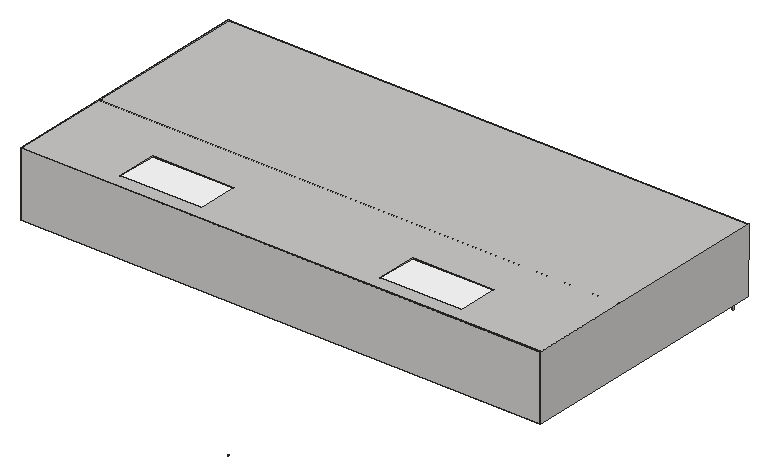
Revit family "QF_ELECTROLUXPROFESSIONAL_640206_EPF1632", category Attrezzature speciali, Revit 2021
Family settings
  Quota connettore circolare = Usa diametro
  Tipo di parte = Normale
  Basato su piano di lavoro = No
  Sempre verticale = Sì
  Taglio con vuoti quando caricato = No
  Condiviso = No
  Punto di calcolo locali = No
Parameters (values of type "Standard")
  Weight = 118.00 kg
  Watts = 0 W
  Volts = 0 V
  URL Manufacturer = "https://www.electroluxprofessional.com/"
  URL = "https://www.electroluxprofessional.com/"
  Steam Supply Size = 0 mm
  Steam Supply Minimum Pressure = 0.0 Pa
  Steam Supply Maximum Pressure = 0.0 Pa
  Steam Consumption per Hour = 0
  Refrigeration Suction Line Size = 0 mm
  Refrigeration Liquid Line Size = 0 mm
  Refrigerant Compressor Remote = yes
  Prospetto di default = 0 mm
  Produttore = "Electrolux Professional"
  Phase = 0
  Modello = "EPF1632"
  Length Actual = 3200 mm  # constant formula
  Item Number = "640206"
  Hot Water Size = 0 mm
  Height Actual = 400 mm  # constant formula
  HP = "0 HP"
  Gas Size = 0 mm
  Gas KW = 0
  Gas Input Pressure = 0 W
  Direct Waste Size = 0 mm
  Descrizione = "304 S/S WALL HOOD+FILTERS 320X160 CM"
  Depth Actual = 1600 mm  # constant formula
  Cycle = 0 Hz
  Condensate Return Size = 0 mm
  Compressed Air Volume = 0.0 L/s
  Compressed Air Size = 0 mm
  Compressed Air Pressure = 0.0 Pa
  Cold Water Size = 0 mm
  Accessory = yes
Reference planes
  plane 1: z = 0
  plane 2 "Center (Left/Right)": x = 150
  plane 3 "LEFT": x = -1450
  plane 4 "RIGHT": x = 1750
  plane 5 "BACK": y = 550
  plane 6 "TOP": z = 2400
  plane 7 "Base": z = 2000
  plane 8: z = 1970
  plane 9 "DrainY": y = 450
  plane 10: x = -1447
  plane 11: y = -720
  plane 12: y = -970
  plane 13 "DrainX": x = 1737
  plane 14 "AOLeft2": x = -400
  plane 15 "AORight1": x = 700
  plane 16: x = 1747
  plane 17: x = -1250
  plane 18: x = 1550
  plane 19: through (0, -449.6, 2399.19) normal (0, -0.5736, 0.8192)
  plane 20: x = 50
  plane 21: x = 250
  plane 22 "Center (Front/Back)": y = -250
  plane 23 "Front": y = -1050
  plane 24 "AOLeft1": x = -900
  plane 25 "AORight2": x = 1200
Forms (mm)
  Extrusion 1, solid, material "QF_Finishes_Stainless Steel"
    sketch origin (-1450, 0, 360) x (0, 1, 0) y (0, 0, 1)
      loop
        line (550, 1640) -> (550, 2040) -> (-1050, 2040) -> (-1050, 1640) -> (550, 1640)
    from 0 to 3
  Extrusion 2, solid, material "QF_Finishes_Stainless Steel"
    sketch origin (1750, 0, 360) x (0, 1, 0) y (0, 0, 1)
      loop
        line (550, 1640) -> (550, 2040) -> (-1050, 2040) -> (-1050, 1640) -> (550, 1640)
    from 0 to -3
  Extrusion 3, solid, material "QF_Finishes_Stainless Steel"
    sketch origin (150, 0, 360) x (0, 1, 0) y (0, 0, 1)
      loop
        line (-1050, 2040) -> (-1050, 1640) -> (-1040, 1640) -> (-1040, 1640.8) -> (-1049.2, 1640.8) -> (-1049.2, 2039.19) -> (549.2, 2039.19) -> (549.2, 1640.8) -> (540, 1640.8) -> (540, 1640) -> (550, 1640) -> (550, 2040) -> (-1050, 2040)
    from -1600 to 1600
  Extrusion 4, solid, material "QF_Finishes_Stainless Steel"
    sketch origin (0, 0, 2000) x (0, 1, 0) y (-1, 0, 0)
      loop
        circle (450, -1737) r 4.763
    from -30 to 0
  Extrusion 5, void
    sketch origin (0, 0, 2400) x (0, 1, 0) y (-1, 0, 0)
      loop
        line (-720, 400) -> (-720, 900) -> (-970, 900) -> (-970, 400) -> (-720, 400)
    from 0 to -10
  Extrusion 6, solid, material "QF_Finishes_Stainless Steel"
    sketch origin (0, 0, 0) x (1, 0, 0) y (0, 1, 0)
      loop
        line (-1450, 550) -> (-1450, 549) -> (-1449, 549) -> (-1449, 550) -> (-1450, 550)
    from 0 to 1
  Extrusion 7, solid, material "QF_Finishes_Stainless Steel"
    sketch origin (150, 0, 360) x (0, 1, 0) y (0, 0, 1)
      loop
        line (-531.515, 1981.832) -> (-534.381, 1985.926) -> (-973.276, 1678.608) -> (-970.553, 1674.415) -> (-531.515, 1981.832)
    from -1400 to -1597
  Extrusion 8, solid, material "QF_Finishes_Stainless Steel"
    sketch origin (150, 0, 360) x (0, 1, 0) y (0, 0, 1)
      loop
        line (-1050, 2039.19) -> (-1050, 1640) -> (-1019.702, 1640) -> (-970.553, 1674.415) -> (-978.723, 1686.995) -> (-979.394, 1686.559) -> (-971.645, 1674.627) -> (-1019.955, 1640.8) -> (-1049.2, 1640.8) -> (-1049.2, 2039.19) -> (-1050, 2039.19)
      loop
        line (-449.6, 2039.19) -> (-450.995, 2039.19) -> (-531.319, 1982.947) -> (-539.464, 1994.578) -> (-540.119, 1994.12) -> (-531.515, 1981.832) -> (-449.6, 2039.19)
    from -1597 to 1597
  Extrusion 9, solid, material "QF_Finishes_Stainless Steel"
    sketch origin (150, 0, 360) x (0, 1, 0) y (0, 0, 1)
      loop
        line (-531.515, 1981.832) -> (-534.381, 1985.926) -> (-973.276, 1678.608) -> (-970.553, 1674.415) -> (-531.515, 1981.832)
    from 1597 to 1400
  Extrusion 10, solid, material "QF_Finishes_Stainless Steel"
    sketch origin (150, 0, 360) x (0, 1, 0) y (0, 0, 1)
      loop
        line (-531.515, 1981.832) -> (-534.381, 1985.926) -> (-973.276, 1678.608) -> (-970.553, 1674.415) -> (-531.515, 1981.832)
    from -100 to 100
  Extrusion 11, solid, material "QF_Finished_Chrome"
    sketch origin (150, 0, 360) x (0, 1, 0) y (0, 0, 1)
      loop
        line (-531.515, 1981.832) -> (-534.381, 1985.926) -> (-973.276, 1678.608) -> (-970.553, 1674.415) -> (-531.515, 1981.832)
    from -1400 to -100
  Extrusion 12, solid, material "QF_Finished_Chrome"
    sketch origin (150, 0, 360) x (0, 1, 0) y (0, 0, 1)
      loop
        line (-531.515, 1981.832) -> (-534.381, 1985.926) -> (-973.276, 1678.608) -> (-970.553, 1674.415) -> (-531.515, 1981.832)
    from 100 to 1400
  Sweep 13, solid, material "QF_Finishes_Stainless Steel"
    path origin (0, 0, 0) x (1, 0, 0) y (0, 1, 0)
      loop
        line (1750, 550) -> (-1450, 550) -> (-1450, -1050) -> (1750, -1050) -> (1750, 550)
    profile origin (1750, -250, 0) x (1, 0, 0) y (0, 0, 1)
      loop
        line (-3, 2000) -> (-3, 2000.8) -> (-19, 2000.8) -> (-19, 2010) -> (-20, 2010) -> (-20, 2000) -> (-3, 2000)
  Extrusion 14, solid, material "QF_Finishes_Stainless Steel"
    sketch origin (150, 0, 0) x (0, 1, 0) y (0, 0, 1)
      loop
        line (108.687, 2305.487) -> (549.2, 2040.8) -> (549.2, 2041.733) -> (109.285, 2306.061) -> (-443.438, 2399.19) -> (-445.739, 2399.19) -> (108.687, 2305.487)
    from -1597 to 1597
  Extrusion 15, void
    sketch origin (0, 0, 2400) x (0, 1, 0) y (-1, 0, 0)
      loop
        line (-720, -1200) -> (-720, -700) -> (-970, -700) -> (-970, -1200) -> (-720, -1200)
    from 0 to -10
Cuts and joins
  Extrusion 5, Extrusion 15 cuts Extrusion 3
  joined: Extrusion 2, Extrusion 3, Sweep 13
Lines and regions (mm)
  symbolic lines, style "SpecialityEquipment", detail levels coarse
    curve 1: line (1750, 550, 2400) -> (-1450, 550, 2400)
    curve 2: line (-1450, 550, 2400) -> (-1450, -1050.8, 2400)
    curve 3: line (1750, -1050.8, 2400) -> (1750, 550, 2400)
    curve 4: line (-1450, 550, 0) -> (1750, -1050, 0)
    curve 5: line (1750, 550, 0) -> (-1450, -1050, 0)
  symbolic lines, detail levels coarse
    curve 6: line (-1450, -1050, 0) -> (1750, -1050, 0)
    curve 7: line (-400, -720, 0) -> (-900, -720, 0)
    curve 8: line (-400, -970, 0) -> (-400, -720, 0)
    curve 9: line (-900, -970, 0) -> (-400, -970, 0)
    curve 10: line (-900, -720, 0) -> (-900, -970, 0)
    curve 11: line (1200, -720, 0) -> (700, -720, 0)
    curve 12: line (1200, -970, 0) -> (1200, -720, 0)
    curve 13: line (700, -970, 0) -> (1200, -970, 0)
    curve 14: line (700, -720, 0) -> (700, -970, 0)
Dimensions and locks
  plane 3 "LEFT" to plane 4 "RIGHT" = 3200 mm
  equal spacing: plane 3 "LEFT", plane 2 "Center (Left/Right)", plane 4 "RIGHT"
  plane 7 "Base" to plane 8 = 30 mm
  plane 5 "BACK" to plane 9 "DrainY" = 100 mm  (x2)
  plane 3 "LEFT" to plane 10 = 3 mm
  plane 13 "DrainX" to plane 4 "RIGHT" = 13 mm
  plane 16 to plane 4 "RIGHT" = 3 mm
  plane 3 "LEFT" to plane 17 = 200 mm
  plane 18 to plane 4 "RIGHT" = 200 mm
  locked: plane 14 "AOLeft2" to plane 15 "AORight1" at 1100
  equal spacing: plane 14 "AOLeft2", plane 2 "Center (Left/Right)", plane 15 "AORight1"
  locked: plane 7 "Base" to level at 2000
  locked: plane 6 "TOP" to plane 7 "Base" at 400
  locked: plane 20 to plane 21 at 200
  equal spacing: plane 20, plane 2 "Center (Left/Right)", plane 21
  locked: plane 11 to plane 12 at 250
  plane 5 "BACK" to plane 23 "Front" = 1600 mm  (x2)
  equal spacing: plane 5 "BACK", plane 22 "Center (Front/Back)", plane 23 "Front"
  plane 12 to plane 23 "Front" = 80 mm
  plane 24 "AOLeft1" to plane 14 "AOLeft2" = 500 mm
  plane 15 "AORight1" to plane 25 "AORight2" = 500 mm
  aligned and locked: level to plane 1
  aligned and locked: plane 4 "RIGHT" to Extrusion 3
  aligned and locked: Extrusion 3 to plane 3 "LEFT"
  aligned and locked: Extrusion 5 to plane 12
  aligned and locked: Extrusion 5 to plane 11
  aligned and locked: Extrusion 7 to plane 10
  aligned and locked: Extrusion 7 to plane 17
  aligned and locked: Extrusion 2 to plane 16
  aligned and locked: plane 16 to Extrusion 9
  aligned and locked: plane 18 to Extrusion 9
  aligned and locked: Extrusion 10 to plane 21
  aligned and locked: Extrusion 10 to plane 20
  aligned and locked: Extrusion 11 to plane 20
  aligned and locked: plane 17 to Extrusion 11
  aligned and locked: Extrusion 12 to plane 21
  aligned and locked: Extrusion 12 to plane 18
  aligned and locked: Extrusion 14 to plane 10
  aligned and locked: plane 16 to Extrusion 14
  aligned and locked: Extrusion 8 to plane 10
  aligned and locked: Extrusion 8 to plane 16
  aligned and locked: Extrusion 1 to plane 23 "Front"
  aligned and locked: Extrusion 5 to plane 24 "AOLeft1"
  aligned and locked: Extrusion 5 to plane 14 "AOLeft2"
  aligned and locked: plane 15 "AORight1" to Extrusion 15
  aligned and locked: plane 25 "AORight2" to Extrusion 15
Automatic sketch dimensions
  curve 6 to plane 3 "LEFT" = 0 mm
  curve 4 to plane 3 "LEFT" = 0 mm
  curve 5 to plane 4 "RIGHT" = 0 mm
  curve 6 to plane 4 "RIGHT" = 0 mm
  curve 4 to plane 23 "Front" = 0 mm
  curve 5 to plane 5 "BACK" = 0 mm
  curve 4 to plane 5 "BACK" = 0 mm
  curve 2 to plane 3 "LEFT" = 0 mm
  curve 3 to plane 4 "RIGHT" = 0 mm
  curve 2 to plane 5 "BACK" = 0 mm
  curve 3 to plane 23 "Front" = 0.8 mm
  curve 2 to plane 23 "Front" = 0.8 mm
  Extrusion 1 sketch curve to plane 7 "Base" = 0 mm
  Extrusion 1 sketch curve to plane 23 "Front" = 0 mm
  Extrusion 1 sketch curve to plane 5 "BACK" = 0 mm
  Extrusion 1 sketch curve to plane 6 "TOP" = 0 mm
  Extrusion 2 sketch curve to plane 7 "Base" = 0 mm
  Extrusion 2 sketch curve to plane 23 "Front" = 0 mm
  Extrusion 2 sketch curve to plane 5 "BACK" = 0 mm
  Extrusion 2 sketch curve to plane 6 "TOP" = 0 mm
  Extrusion 3 sketch curve to plane 6 "TOP" = 0 mm
  Extrusion 3 sketch curve to plane 23 "Front" = 0 mm
  Extrusion 3 sketch curve to plane 7 "Base" = 0 mm  (x2)
  Extrusion 3 sketch curve to plane 5 "BACK" = 0 mm
  plane 23 "Front" to Extrusion 3 sketch curve = 0.8 mm
  Extrusion 3 sketch curve to Extrusion 3 sketch curve = 9.2 mm
  plane 7 "Base" to Extrusion 3 sketch curve = 0.8 mm  (x2)
  Extrusion 3 sketch curve to plane 5 "BACK" = 10 mm
  Extrusion 3 sketch curve to plane 5 "BACK" = 0.8 mm
  Extrusion 3 sketch curve to plane 6 "TOP" = 0.81 mm
  Extrusion 4 sketch curve to plane 9 "DrainY" = 0 mm
  Extrusion 4 sketch curve to plane 13 "DrainX" = 0 mm
  Extrusion 5 sketch curve to plane 12 = 0 mm
  plane 11 to Extrusion 5 sketch curve = 0 mm
  Extrusion 5 sketch curve to plane 14 "AOLeft2" = 0 mm
  Extrusion 5 sketch curve to plane 24 "AOLeft1" = 0 mm
  Extrusion 6 sketch curve to plane 3 "LEFT" = 0 mm
  Extrusion 6 sketch curve to plane 5 "BACK" = 0 mm
  plane 3 "LEFT" to Extrusion 6 sketch curve = 1 mm
  Extrusion 6 sketch curve to Extrusion 6 sketch curve = 1 mm
  Extrusion 7 sketch curve to plane 19 = 0 mm  (x2)
  Extrusion 7 sketch curve to plane 12 = 3.276 mm
  Extrusion 7 sketch curve to plane 12 = 0.553 mm
  Extrusion 7 sketch curve to plane 6 "TOP" = 54.074 mm
  Extrusion 7 sketch curve to plane 11 = 185.619 mm
  Extrusion 8 sketch curve to plane 23 "Front" = 0 mm
  Extrusion 8 sketch curve to plane 7 "Base" = 0 mm
  Extrusion 8 sketch curve to plane 19 = 0 mm  (x4)
  plane 23 "Front" to Extrusion 8 sketch curve = 0.8 mm
  Extrusion 8 sketch curve to Extrusion 8 sketch curve = 0.252 mm
  Extrusion 8 sketch curve to plane 12 = 9.394 mm
  Extrusion 8 sketch curve to Extrusion 8 sketch curve = 0.671 mm
  Extrusion 8 sketch curve to plane 12 = 1.645 mm
  Extrusion 8 sketch curve to plane 12 = 0.553 mm
  Extrusion 8 sketch curve to plane 6 "TOP" = 45.88 mm
  Extrusion 8 sketch curve to plane 11 = 179.881 mm
  Extrusion 8 sketch curve to plane 6 "TOP" = 45.422 mm
  Extrusion 8 sketch curve to plane 6 "TOP" = 57.053 mm
  Extrusion 8 sketch curve to plane 6 "TOP" = 0.81 mm  (x2)
  plane 7 "Base" to Extrusion 8 sketch curve = 0.8 mm
  Extrusion 8 sketch curve to Extrusion 8 sketch curve = 0.212 mm
  Extrusion 9 sketch curve to plane 19 = 0 mm  (x2)
  Extrusion 9 sketch curve to plane 12 = 3.276 mm
  Extrusion 9 sketch curve to plane 12 = 0.553 mm
  Extrusion 9 sketch curve to plane 6 "TOP" = 54.074 mm
  Extrusion 9 sketch curve to plane 11 = 185.619 mm
  Extrusion 10 sketch curve to plane 19 = 0 mm  (x2)
  Extrusion 10 sketch curve to plane 12 = 3.276 mm
  Extrusion 10 sketch curve to plane 12 = 0.553 mm
  Extrusion 10 sketch curve to plane 6 "TOP" = 54.074 mm
  Extrusion 10 sketch curve to plane 11 = 185.619 mm
  Extrusion 11 sketch curve to plane 19 = 0 mm  (x2)
  Extrusion 11 sketch curve to plane 12 = 3.276 mm
  Extrusion 11 sketch curve to plane 12 = 0.553 mm
  Extrusion 11 sketch curve to plane 6 "TOP" = 54.074 mm
  Extrusion 11 sketch curve to plane 11 = 185.619 mm
  Extrusion 12 sketch curve to plane 19 = 0 mm  (x2)
  Extrusion 12 sketch curve to plane 12 = 3.276 mm
  Extrusion 12 sketch curve to plane 12 = 0.553 mm
  Extrusion 12 sketch curve to plane 6 "TOP" = 54.074 mm
  Extrusion 12 sketch curve to plane 11 = 185.619 mm
  Sweep 13 sketch curve to plane 3 "LEFT" = 0 mm
  Sweep 13 sketch curve to plane 4 "RIGHT" = 0 mm
  Sweep 13 sketch curve to plane 23 "Front" = 0 mm
  Sweep 13 sketch curve to plane 5 "BACK" = 0 mm
  profile plane to Sweep 13 sketch curve = 20 mm
  Sweep 13 sketch curve to Sweep 13 sketch curve = 1 mm
  profile plane to Sweep 13 sketch curve = 3 mm
  level to Sweep 13 sketch curve = 2000 mm
  Sweep 13 sketch curve to Sweep 13 sketch curve = 0.8 mm
  Sweep 13 sketch curve to Sweep 13 sketch curve = 9.2 mm
  Extrusion 14 sketch curve to plane 6 "TOP" = 0.81 mm
  Extrusion 14 sketch curve to plane 22 "Center (Front/Back)" = 195.739 mm
  Extrusion 14 sketch curve to Extrusion 14 sketch curve = 2.3 mm
  Extrusion 14 sketch curve to plane 6 "TOP" = 94.513 mm
  Extrusion 14 sketch curve to plane 9 "DrainY" = 341.313 mm
  Extrusion 14 sketch curve to plane 6 "TOP" = 93.939 mm
  Extrusion 14 sketch curve to Extrusion 14 sketch curve = 0.598 mm
  Extrusion 14 sketch curve to plane 5 "BACK" = 0.8 mm
  plane 7 "Base" to Extrusion 14 sketch curve = 41.733 mm
  Extrusion 14 sketch curve to Extrusion 14 sketch curve = 0.933 mm
  Extrusion 15 sketch curve to plane 12 = 0 mm
  plane 11 to Extrusion 15 sketch curve = 0 mm
  Extrusion 15 sketch curve to plane 14 "AOLeft2" = 1600 mm
  plane 24 "AOLeft1" to Extrusion 15 sketch curve = 1600 mm
  plane 11 to curve 7 = 0 mm
  curve 8 to plane 12 = 0 mm
  curve 8 to plane 14 "AOLeft2" = 0 mm
  curve 9 to plane 24 "AOLeft1" = 0 mm
  plane 11 to curve 11 = 0 mm
  curve 11 to plane 15 "AORight1" = 0 mm
  curve 12 to plane 12 = 0 mm
  curve 12 to plane 25 "AORight2" = 0 mm
  radius of Extrusion 4 sketch curve = 4.763 mm
Connectors
  piping at (1737, 450, 1970), diameter 9.5
    settings: on Extrusion 4, index 1, connector inside diameter 609.6 mm, connector length 0 mm, flow factor 0, pipe flow 0.0 L/s, pressure drop 0.0 Pa, fitting loss kfactor 0, connector angle 0.00°, fixture units 0, engagement length 0 mm, angle of deflection 0.00°, flow configuration 1, flow direction 2, fitting loss method 0, system type 16, joint type 0, gender type 0, connector reference index -1, connector utility 0, adjustable connector no, is connector primary yes, connector description "Drain"
  hvac at (-650, -845, 2400)
    settings: on Extrusion 5, index 2, duct flow 0.0 L/s, flow factor 0, pres drop 0.0 Pa, loss coef 0, conn angle 0.00°, conn width 250 mm, conn height 500 mm, conn diameter 609.6 mm, duct sys type 3, conn prof type 1, flow config 1, flow direction 0, loss method 0, conn ref index -1, conn util no, is conn primary yes, conn desc "EXHAUST OUTLET"
  hvac at (950, -845, 2400)
    settings: on Extrusion 15, index 3, duct flow 0.0 L/s, flow factor 0, pres drop 0.0 Pa, loss coef 0, conn angle 0.00°, conn width 250 mm, conn height 500 mm, conn diameter 609.6 mm, duct sys type 3, conn prof type 1, flow config 1, flow direction 2, loss method 0, conn ref index -1, conn util no, is conn primary no, conn desc "EXHAUST OUTLET"
